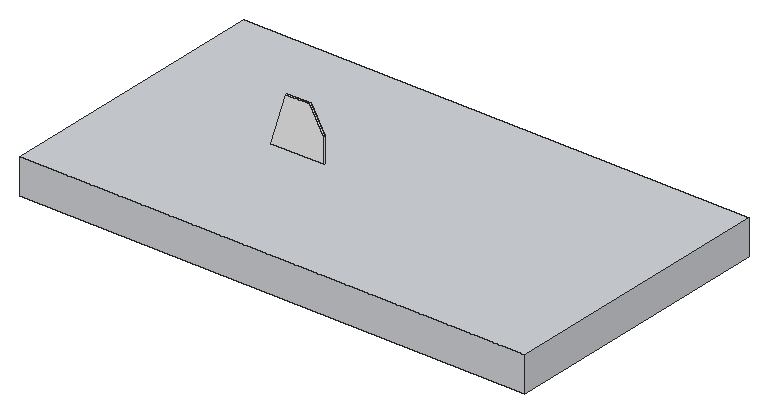
Revit family
Parameters (values of type "표준")
  두께 [instance] = 12.5 mm
  강판 재료 = 금속 - 스틸 - 345 MPa
  베벨 길이 [instance] = 250 mm
  길이 [instance] = 460 mm
  L2 [instance] = 베벨 길이 * sin(각도)  # 125 mm
  L1 [instance] = 130 mm
  높이 [instance] = 430 mm
  H1 [instance] = 베벨 길이 * cos(각도)  # 216.506 mm
  Default Elevation = 1200 mm
  각도 [instance] = 30.00°
Reference planes
  plane 1 "중심(앞/뒤)": y = 0
  plane 2: z = 0
  plane 3 "중심(왼쪽/오른쪽)": x = 0
  plane 4: z = 430
  plane 5: y = 6.25
  plane 6: y = -6.25
  plane 7: x = 460
  plane 8: x = 0
  plane 9: z = 430
  plane 10: x = 460
  plane 11: x = 335
  plane 12: z = 213.494
  plane 13: x = 130
Forms (mm)
  Extrusion 1, solid
    sketch origin (0, 0, 0) x (1, 0, 0) y (0, 1, 0)
      loop
        line (-1219.2, 1219.2) -> (-1219.2, -1219.2) -> (3185.238, -1219.2) -> (3185.238, 1219.2) -> (-1219.2, 1219.2)
    from 0 to -304.8
  Extrusion 2, solid, material "금속 - 스틸 - 345 MPa" <- "강판 재료"
    sketch origin (0, 0, 0) x (1, 0, 0) y (0, 0, 1)
      loop
        line (335, 430) -> (130, 430) -> (0, 0) -> (460, 0) -> (460, 213.494) -> (335, 430)
    from -6.25 to 6.25
Lines and regions (mm)
  reference lines
    curve 1: line (0, 0, 0) -> (744.782, 0, 430)
Dimensions and locks
  "높이": plane 4 to plane 2
  equal spacing: plane 6, plane 1 "중심(앞/뒤)", plane 5
  "두께": plane 6 to plane 5
  "길이": plane 8 to plane 7
  "H1": plane 4 to plane 12
  "L2": plane 7 to plane 11
  "L1": plane 8 to plane 13
  "베벨 길이": Extrusion 2 to Extrusion 2
  "각도": angle plane 2 to curve 1
  aligned and locked: Extrusion 1 to plane 2
  aligned and locked: Extrusion 1 to level
  aligned and locked: plane 5 to Extrusion 2
  aligned and locked: plane 6 to Extrusion 2
  aligned and locked: plane 4 to curve 1
  aligned and locked: plane 3 "중심(왼쪽/오른쪽)" to curve 1
  aligned and locked: plane 2 to curve 1
  aligned and locked: plane 8 to plane 3 "중심(왼쪽/오른쪽)"
  aligned and locked: plane 4 to plane 9
  aligned and locked: plane 10 to plane 7
  aligned and locked: plane 4 to Extrusion 2 sketch curve
  aligned and locked: plane 7 to Extrusion 2 sketch curve
  aligned and locked: Extrusion 2 sketch curve to plane 2
  aligned and locked: plane 13 to Extrusion 2 sketch curve
  aligned and locked: plane 11 to Extrusion 2 sketch curve
  aligned and locked: plane 12 to Extrusion 2 sketch curve
  aligned and locked: plane 8 to Extrusion 2 sketch curve
Automatic sketch dimensions
  Extrusion 1 sketch curve to Extrusion 1 sketch curve = 4404.438 mm
  Extrusion 1 sketch curve to Extrusion 1 sketch curve = 2438.4 mm
